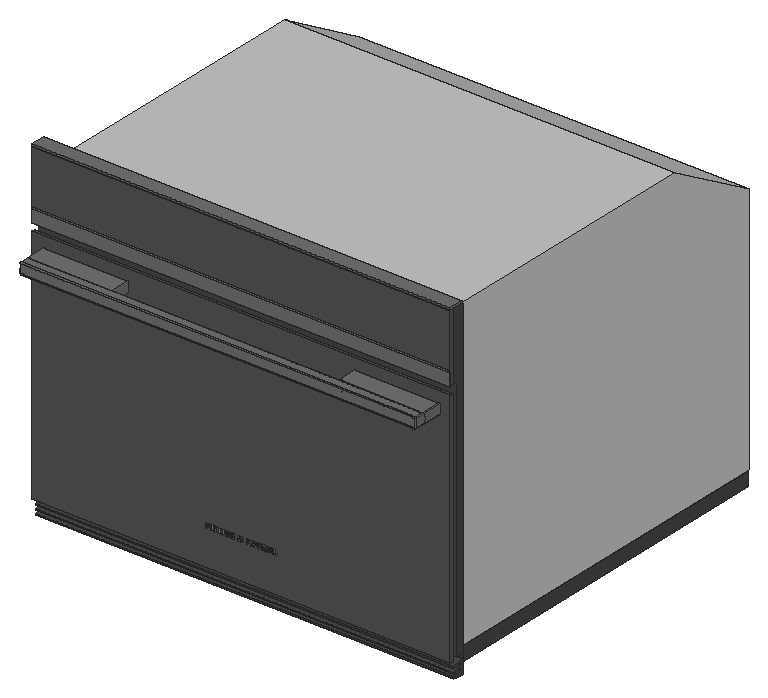
Revit family "FP_Revit_18_OM60NDBB1_w_TK480NDB1_Microwave_Oven_w_60cm_Trimkit_90000814A", category Specialty Equipment, Revit 2018
Family settings
  Round Connector Dimension = Use Diameter
  Part Type = Normal
  OmniClass Number = 23.40.40.14.17.31
  OmniClass Title = Small Specialized Cooking Equipment
  Work Plane-Based = No
  Always vertical = Yes
  Cut with Voids When Loaded = Yes
  Shared = No
  Room Calculation Point = No
Parameters (values of type "OS60NDBB1 + TK480NDB1")
  Visibility - Clearance Required = yes
  URL = "www.fisherpaykel.com"
  Product - Width = 596 mm  # constant formula
  Product - Height = 478 mm  # constant formula
  Product - Depth = 614 mm  # constant formula
  Model = "OM60NDBB1 + TK480NDB1"
  Material - Trim = Fisher & Paykel - Aluminium, Dark
  Material - Structure = Fisher & Paykel - Black
  Material - Handle = Fisher & Paykel - Aluminium, Dark
  Material - Glass = Fisher & Paykel - Glass, Black
  Material - Body = Fisher & Paykel - Grey
  Manufacturer = "Fisher & Paykel Appliances"
  FFL Offset [instance] = 900 mm
  Description = "60cm Microwave Oven + 60cm Trimkit"
  Connector Description - Electrical = "220-240 V, 50 Hz, 14.5 A"
  Chassis - Width = 560 mm  # constant formula
  Chassis - Height = 466 mm  # constant formula
  Chassis - Depth = 542 mm  # constant formula
  Cavity - Width = 560 mm  # constant formula
  Cavity - Height = 480 mm  # constant formula
  Cavity - Depth = 560 mm  # constant formula
Reference planes
  plane 1 "Datum": y = 0
  plane 2: z = 0
  plane 3 "Center (Left/Right)": x = 0
  plane 4: z = 1380
  plane 5: z = 1378
  plane 6 "Product LHS": x = -298
  plane 7 "Product RHS": x = 298
  plane 8 "Product - Depth": y = 0
  plane 9 "Cavity LHS": x = -300
  plane 10 "Cavity RHS": x = 300
  plane 11 "Cavity - Depth": y = 560
  plane 12 "Chassis - Height": z = 0
  plane 13 "Product Depth": y = 542
  plane 14 "FFL Offset": z = 900
  plane 15 "Front": y = -22
Forms (mm)
  Extrusion 1, void
    sketch origin (0, 0, 0) x (0, 1, 0) y (0, 0, 1)
      loop
        line (-22, 1380) -> (-22, 900) -> (0, 900) -> (0, 1380) -> (-22, 1380)
    from -300 to 300
  Extrusion 2, void
    sketch origin (0, 0, 0) x (0, 1, 0) y (0, 0, 1)
      loop
        line (560, 1380) -> (0, 1380) -> (0, 900) -> (560, 900) -> (560, 1380)
    from -280 to 280
Text (mm)
  text "Due to ongoing product development, product details are subject to change without notice. \nPlease always refer to www.fisherpaykel.com for the most current product information. \n© Fisher & Paykel 2020" at (41.04, -413.295, 0), in view "Ref. Level (Plan)"
Dimensions and locks
  equal spacing: plane 6 "Product LHS", plane 3 "Center (Left/Right)", plane 7 "Product RHS"
  "Product - Width": plane 6 "Product LHS" to plane 7 "Product RHS"
  equal spacing: plane 9 "Cavity LHS", plane 3 "Center (Left/Right)", plane 10 "Cavity RHS"
  locked: plane 9 "Cavity LHS" to plane 10 "Cavity RHS" at 600
  "Chassis - Depth": plane 1 "Datum" to plane 13 "Product Depth"
  "FFL Offset": plane 14 "FFL Offset" to level
  "Cavity - Depth": plane 1 "Datum" to plane 11 "Cavity - Depth"
  "Product - Height": plane 5 to plane 14 "FFL Offset"
  "Cavity - Height": plane 4 to plane 14 "FFL Offset"
  "Cavity - Width": Extrusion 2 to Extrusion 2
  aligned and locked: level to plane 2
  aligned and locked: nested 2 to plane 8 "Product - Depth"
  aligned and locked: Extrusion 1 sketch curve to plane 8 "Product - Depth"
  aligned and locked: plane 14 "FFL Offset" to Extrusion 1 sketch curve
  aligned and locked: Extrusion 1 sketch curve to plane 4
  aligned and locked: Extrusion 1 to plane 10 "Cavity RHS"
  aligned and locked: plane 9 "Cavity LHS" to Extrusion 1
  aligned and locked: Extrusion 2 sketch curve to plane 8 "Product - Depth"
  aligned and locked: Extrusion 2 sketch curve to plane 14 "FFL Offset"
  aligned and locked: plane 11 "Cavity - Depth" to Extrusion 2 sketch curve
  aligned and locked: Extrusion 2 sketch curve to nested 2
  aligned and locked: nested 1 to plane 8 "Product - Depth"
  aligned and locked: Extrusion 1 to nested 1
  aligned and locked: plane 15 "Front" to Extrusion 1
Automatic sketch dimensions
  Extrusion 1 sketch curve to Extrusion 1 sketch curve = 22 mm
Nested families
  nested 1: "FP_Revit_18_OM60NDBB1_Microwave_Oven_90000814A" at (0, 0, 20), FFL Offset <- "FFL Offset", type "OM60NDBB1"
    with FFL Offset 900 mm
  nested 2: "FP_Revit_18_TK480ND_Trimkits_90001188A" at (0, 0, 0), FFL Offset <- "FFL Offset", type "TK480NDB1"
    with FFL Offset 900 mm
Connectors
  electrical at (-193.854, 548.619, 959.454), driven by "Connector Description - Electrical"
    settings: on nested 1, index 1, voltage 230 V, apparent load 0 VA, apparent load phase1 0 VA, apparent load phase2 0 VA, apparent load phase3 0 VA, power factor 1, load classification "Other", number of poles 1, system type 30, power factor state 1, is connector primary yes, connector utility no, sub classification motor no, connector description "220-240 V, 50 Hz, 14.5 A"
Definition of nested family "FP_Revit_18_OM60NDBB1_Microwave_Oven_90000814A"
  Parameters (values of type "OS60NDBB1")
    Visibility - Clearance Required = yes
    URL = "www.fisherpaykel.com"
    Product - Width = 596 mm  # constant formula
    Product - Height = 458 mm  # constant formula
    Product - Depth = 562 mm  # constant formula
    Model = "OS60NDBB1"
    Material - Trim = none
    Material - Structure = none
    Material - Handle = none
    Material - Glass = none
    Material - Body = none
    Manufacturer = "Fisher & Paykel Appliances"
    FFL Offset [instance] = 900 mm
    Description = "60cm Steam Oven"
    Connector Description - Electrical = "220-240 V, 50 Hz, 14.5 A"
    Chassis - Width = 556 mm  # constant formula
    Chassis - Height = 446 mm  # constant formula
    Chassis - Depth = 540 mm  # constant formula
    Cavity - Width = 600 mm  # constant formula
    Cavity - Height = 460 mm  # constant formula
    Cavity - Depth = 560 mm  # constant formula
  Types (4, lengths in mm): name | Model | Description
    OS60NDB1 | "OS60NDB1" | "60cm Steam Oven"
    OM60NDB1 | "OM60NDB1" | "60cm Microwave Oven"
    OM60NDBB1 | "OM60NDBB1" | "60cm Microwave Oven"
    OS60NDBB1 | "OS60NDBB1" | "60cm Steam Oven"
  Reference planes
    plane 1 "Center (Front/Back)": y = 0
    plane 2: z = 0
    plane 3 "Center (Left/Right)": x = 0
    plane 4: z = 1360
    plane 5: z = 1358
    plane 6 "Product LHS": x = -298
    plane 7 "Product RHS": x = 298
    plane 8 "Product - Depth": y = 0
    plane 9 "Cavity LHS": x = -300
    plane 10 "Cavity RHS": x = 300
    plane 11 "Cavity - Depth": y = 560
    plane 12 "Front Face": y = -22
    plane 13 "Chassis - Height": z = 0
    plane 14 "Product Depth": y = 540
    plane 15 "FFL Offset": z = 900
  Forms (mm)
    Extrusion 1, solid, material <- "Material - Body"
      sketch origin (0, 0, 0) x (0, 1, 0) y (0, 0, 1)
        loop
          line (0, 1346) -> (0, 907.28) -> (5.16, 907.28) -> (5.16, 900) -> (534.187, 900) -> (534.187, 1257.991) -> (403.295, 1336.64) -> (24.316, 1336.64) -> (8.71, 1346) -> (0, 1346)
      from -278 to 278
    Extrusion 2, solid, material <- "Material - Structure", detail levels fine
      sketch origin (0, 0, 0) x (0, 1, 0) y (0, 0, 1)
        loop
          line (0, 1353.9) -> (-2, 1353.9) -> (-2, 1355) -> (-18, 1355) -> (-18, 1258) -> (-9.89, 1258) -> (-9.89, 907.28) -> (0, 907.28) -> (0, 1353.9)
      from -298 to 298
    Extrusion 3, solid, material <- "Material - Trim", detail levels fine
      sketch origin (0, 0, 0) x (0, 1, 0) y (0, 0, 1)
        loop
          line (-22, 1358) -> (-22, 1355) -> (-2, 1355) -> (-2, 1358) -> (-22, 1358)
      from -298 to 298
    Extrusion 4, solid, material <- "Material - Glass", detail levels fine
      sketch origin (0, 0, 0) x (0, 1, 0) y (0, 0, 1)
        loop
          line (-18, 1355) -> (-20.262, 1355)
          arc (-20.262, 1355) -> (-21.236, 1354.682) -> (-22, 1354) r 2.5
          line (-22, 1354) -> (-22, 1258) -> (-18, 1258) -> (-18, 1355)
      from -298 to 298
    Extrusion 5, solid, material <- "Material - Glass", detail levels fine
      sketch origin (0, 0, 0) x (0, 1, 0) y (0, 0, 1)
        loop
          line (-22, 1246.53) -> (-22, 904.53) -> (-18, 904.53) -> (-18, 1246.53) -> (-22, 1246.53)
      from -298 to 298
    Extrusion 6, solid, material <- "Material - Structure", detail levels fine
      sketch origin (0, 0, 0) x (0, 1, 0) y (0, 0, 1)
        loop
          line (-18, 1229.33) -> (-18, 907.28) -> (-9.89, 907.28) -> (-9.89, 1229.33) -> (-18, 1229.33)
      from -278 to 278
    Extrusion 7, void
      sketch origin (0, 0, 0) x (1, 0, 0) y (0, 0, 1)
        loop
          line (-158.462, 1052.91) -> (-229.24, 1052.91)
          arc (-229.24, 1052.91) -> (-232.776, 1051.446) -> (-234.24, 1047.91) r 5
          line (-234.24, 1047.91) -> (-234.24, 955.13)
          arc (-234.24, 955.13) -> (-232.776, 951.594) -> (-229.24, 950.13) r 5
          line (-229.24, 950.13) -> (-158.462, 950.13)
          arc (-158.462, 950.13) -> (-154.926, 951.594) -> (-153.462, 955.13) r 5
          line (-153.462, 955.13) -> (-153.462, 1047.91)
          arc (-153.462, 1047.91) -> (-154.926, 1051.446) -> (-158.462, 1052.91) r 5
      from -539.6 to -521.6
    Sweep 8, void
      path in 3D
        loop
          arc (-153.462, 521.6, 955.13) -> (-154.926, 521.6, 951.594) -> (-158.462, 521.6, 950.13) r 5
          line (-158.462, 521.6, 950.13) -> (-229.24, 521.6, 950.13)
          arc (-229.24, 521.6, 950.13) -> (-232.776, 521.6, 951.594) -> (-234.24, 521.6, 955.13) r 5
          line (-234.24, 521.6, 955.13) -> (-234.24, 521.6, 1047.91)
          arc (-234.24, 521.6, 1047.91) -> (-232.776, 521.6, 1051.446) -> (-229.24, 521.6, 1052.91) r 5
          line (-229.24, 521.6, 1052.91) -> (-158.462, 521.6, 1052.91)
          arc (-158.462, 521.6, 1052.91) -> (-154.926, 521.6, 1051.446) -> (-153.462, 521.6, 1047.91) r 5
          line (-153.462, 521.6, 1047.91) -> (-153.462, 521.6, 955.13)
      profile origin (-153.462, 521.6, 1001.52) x (-1, 0, 0) y (0, -1, 0)
        loop
          line (0, 0) -> (-21.3, -12.587) -> (0, -12.587) -> (0, 0)
    Extrusion 9, solid, material <- "Material - Body", detail levels medium+fine
      sketch origin (0, 0, -100) x (1, 0, 0) y (0, 0, 1)
        loop
          line (-175.354, 1115.273) -> (-212.354, 1115.273) -> (-212.354, 1057.273) -> (-175.354, 1057.273) -> (-175.354, 1115.273)
      from -540 to -521.6
    Extrusion 10, solid, material <- "Material - Trim", detail levels fine
      sketch origin (0, 0, 0) x (0, 1, 0) y (0, 0, 1)
        loop
          line (-22, 1258) -> (-22, 1277.8) -> (-22.8, 1277.8) -> (-23.7, 1275.5) -> (-23.7, 1258) -> (-22, 1258)
      from -298 to 298
    Extrusion 11, solid, visible <- "Visibility - Clearance Required", detail levels coarse
      sketch origin (0, 0, 0) x (1, 0, 0) y (0, 1, 0)
        loop
          line (-280, 0) -> (280, 0) -> (280, 548.619) -> (-280, 548.619) -> (-280, 0)
      from 900 to 1360
    Extrusion 12, solid, visible <- "Visibility - Clearance Required", detail levels coarse
      sketch origin (0, 0, 0) x (0, 1, 0) y (0, 0, 1)
        loop
          arc (-22, 1246.53) -> (-241.159, 1161.206) -> (-341.563, 948.532) r 317.644
          line (-341.563, 948.532) -> (-326.406, 946.445) -> (-332.106, 905.048) -> (-316.871, 902.951) -> (-311.171, 944.347) -> (-22, 904.53) -> (-22, 900) -> (0, 900) -> (0, 1360) -> (-22, 1360) -> (-22, 1246.53)
      from -300 to 300
    Sweep 13, solid, material <- "Material - Body", detail levels fine
      path origin (0, 0, -100) x (0, 1, 0) y (0, 0, 1)
        loop
          arc (530.8, 1057.273) -> (536.019, 1044.673) -> (548.619, 1039.454) r 17.819
      profile origin (0, 536.019, 944.673) x (0, 0.707107, 0.707107) y (1, 0, 0)
        loop
          circle (0, -193.854) r 5
    Extrusion 14, solid, material <- "Material - Glass", detail levels coarse+medium
      sketch origin (0, 0, 0) x (0, 1, 0) y (0, 0, 1)
        loop
          line (-22, 1358) -> (-22, 1258) -> (-9.89, 1258) -> (-9.89, 1229.33) -> (-18, 1229.33) -> (-18, 1246.53) -> (-22, 1246.53) -> (-22, 904.53) -> (-18, 904.53) -> (-18, 907.28) -> (0, 907.28) -> (0, 1353.9) -> (-2, 1353.9) -> (-2, 1358) -> (-22, 1358)
      from -298 to 298
    Extrusion 15, solid, material <- "Material - Body", not visible, detail levels medium+fine
      sketch origin (0, 0, 0) x (1, 0, 0) y (0, 0, 1)
        loop
          line (-175.354, 1115.273) -> (-212.354, 1115.273) -> (-212.354, 1057.273) -> (-175.354, 1057.273) -> (-175.354, 1115.273)
      from -540 to -521.6
    Sweep 16, solid, material <- "Material - Body", not visible, detail levels fine
      path origin (0, 0, 0) x (0, 1, 0) y (0, 0, 1)
        loop
          arc (530.8, 1057.273) -> (536.019, 1044.673) -> (548.619, 1039.454) r 17.819
      profile origin (0, 536.019, 1044.673) x (0, 0.707107, 0.707107) y (1, 0, 0)
        loop
          circle (0, -193.854) r 5
    Extrusion 17, void
      sketch origin (0, 0, 0) x (1, 0, 0) y (0, 1, 0)
        loop
          line (-280, 0) -> (280, 0) -> (280, 548.619) -> (-280, 548.619) -> (-280, 0)
      from 900 to 1360
    Extrusion 18, solid, visible <- "Visibility - Clearance Required", detail levels coarse
      sketch origin (0, 0, 0) x (0, 1, 0) y (0, 0, 1)
        loop
          arc (-22, 1246.53) -> (-241.159, 1161.206) -> (-341.563, 948.532) r 317.644
          line (-341.563, 948.532) -> (-326.406, 946.445) -> (-332.106, 905.048) -> (-316.871, 902.951) -> (-311.171, 944.347) -> (-22, 904.53) -> (-22, 900) -> (0, 900) -> (0, 1360) -> (-22, 1360) -> (-22, 1246.53)
      from -300 to 300
    Extrusion 19, void
      sketch origin (0, 0, 0) x (0, 1, 0) y (0, 0, 1)
        loop
          line (-22, 1360) -> (-22, 900) -> (0, 900) -> (0, 1360) -> (-22, 1360)
      from -300 to 300
  Cuts and joins
    Extrusion 7, Sweep 8 cuts Extrusion 1
    Extrusion 7 cuts Extrusion 2
    Extrusion 7 cuts Extrusion 5
    Extrusion 7 cuts Extrusion 6
  Lines and regions (mm)
    sketch lines
      curve 1: line (-153.462, 521.6, 1047.91) -> (-153.462, 521.6, 955.13)
      curve 2: arc (-153.462, 521.6, 1047.91) -> (-154.926, 521.6, 1051.446) -> (-158.462, 521.6, 1052.91) r 5
      curve 3: line (-229.24, 521.6, 1052.91) -> (-158.462, 521.6, 1052.91)
      curve 4: arc (-229.24, 521.6, 1052.91) -> (-232.776, 521.6, 1051.446) -> (-234.24, 521.6, 1047.91) r 5
      curve 5: line (-234.24, 521.6, 955.13) -> (-234.24, 521.6, 1047.91)
      curve 6: arc (-234.24, 521.6, 955.13) -> (-232.776, 521.6, 951.594) -> (-229.24, 521.6, 950.13) r 5
      curve 7: arc (-158.462, 521.6, 950.13) -> (-154.926, 521.6, 951.594) -> (-153.462, 521.6, 955.13) r 5
      curve 8: line (-158.462, 521.6, 950.13) -> (-229.24, 521.6, 950.13)
  Text (mm)
    text "Due to ongoing product development, product details are subject to change without notice. \nPlease always refer to www.fisherpaykel.com for the most current product information. \n© Fisher & Paykel 2020" at (41.04, -413.295, 0), in view "Ref. Level (Plan)"
  Dimensions and locks
    equal spacing: plane 6 "Product LHS", plane 3 "Center (Left/Right)", plane 7 "Product RHS"
    "Product - Width": plane 6 "Product LHS" to plane 7 "Product RHS"
    equal spacing: plane 9 "Cavity LHS", plane 3 "Center (Left/Right)", plane 10 "Cavity RHS"
    "Cavity - Width": plane 9 "Cavity LHS" to plane 10 "Cavity RHS"
    "Cavity - Depth": plane 11 "Cavity - Depth" to plane 1 "Center (Front/Back)"
    locked: plane 12 "Front Face" to plane 1 "Center (Front/Back)" at 22
    "Chassis - Depth": plane 1 "Center (Front/Back)" to plane 14 "Product Depth"
    Extrusion 1 sketch curve to plane 14 "Product Depth" = 5.813 mm
    equal spacing: cut or joined group of Extrusion 1, Extrusion 7, Sweep 8, plane 3 "Center (Left/Right)", cut or joined group of Extrusion 1, Extrusion 7, Sweep 8
    "Chassis - Width": cut or joined group of Extrusion 1, Extrusion 7, Sweep 8 to cut or joined group of Extrusion 1, Extrusion 7, Sweep 8
    "FFL Offset": plane 15 "FFL Offset" to level
    locked: nested 2 to plane 15 "FFL Offset" at 61.04
    locked: cut or joined group of Extrusion 1, Extrusion 7, Sweep 8 to plane 15 "FFL Offset" at 7.28
    locked: Extrusion 14 to plane 15 "FFL Offset" at 4.53
    locked: cut or joined group of Extrusion 1, Extrusion 7, Sweep 8 to plane 15 "FFL Offset" at 436.64
    "Chassis - Height": cut or joined group of Extrusion 1, Extrusion 7, Sweep 8 to plane 15 "FFL Offset"
    Extrusion 11 to plane 15 "FFL Offset" = 460 mm
    locked: plane 15 "FFL Offset" to Extrusion 9 at 57.273
    locked: plane 15 "FFL Offset" to cut or joined group of Extrusion 1, Extrusion 7, Sweep 8 at 50.13
    "Product - Height": plane 5 to plane 15 "FFL Offset"
    "Cavity - Height": plane 4 to plane 15 "FFL Offset"
    locked: nested 1 to plane 15 "FFL Offset" at 330.978
    locked: plane 5 to Extrusion 14 at 100
    locked: plane 5 to Extrusion 14 at 111.47
    locked: Extrusion 12 sketch curve to plane 15 "FFL Offset" at 4.53
    locked: plane 15 "FFL Offset" to Extrusion 7 sketch curve at 152.91
    locked: plane 15 "FFL Offset" to Extrusion 7 sketch curve at 50.13
    aligned and locked: level to plane 2
    aligned and locked: Extrusion 3 sketch curve to plane 5
    aligned and locked: plane 6 "Product LHS" to Extrusion 5
    aligned and locked: Extrusion 5 to plane 7 "Product RHS"
    aligned and locked: Extrusion 4 to plane 7 "Product RHS"
    aligned and locked: plane 6 "Product LHS" to Extrusion 4
    aligned and locked: plane 6 "Product LHS" to Extrusion 3
    aligned and locked: Extrusion 3 to plane 7 "Product RHS"
    aligned and locked: plane 6 "Product LHS" to Extrusion 2
    aligned and locked: Extrusion 2 to plane 7 "Product RHS"
    aligned and locked: plane 14 "Product Depth" to Extrusion 9
    aligned and locked: cut or joined group of Extrusion 1, Extrusion 7, Sweep 8 to Extrusion 9
    aligned and locked: Extrusion 10 to plane 7 "Product RHS"
    aligned and locked: plane 6 "Product LHS" to Extrusion 10
    aligned and locked: Extrusion 14 to plane 7 "Product RHS"
    aligned and locked: plane 6 "Product LHS" to Extrusion 14
    aligned and locked: Extrusion 1 to plane 15 "FFL Offset"
    aligned and locked: Extrusion 11 to cut or joined group of Extrusion 1, Extrusion 7, Sweep 8
    aligned and locked: Extrusion 14 to cut or joined group of Extrusion 1, Extrusion 7, Sweep 8
    aligned and locked: Extrusion 2 to cut or joined group of Extrusion 1, Extrusion 7, Sweep 8
    aligned and locked: Extrusion 6 to cut or joined group of Extrusion 1, Extrusion 7, Sweep 8
    aligned and locked: plane 5 to Extrusion 3
    aligned and locked: plane 5 to Extrusion 14
    aligned and locked: Extrusion 10 to Extrusion 4
    aligned and locked: Extrusion 14 to Extrusion 4
    aligned and locked: Extrusion 4 to cut or joined group of Extrusion 2, Extrusion 7
    aligned and locked: Extrusion 5 to Extrusion 14  (x2)
    aligned and locked: plane 4 to Extrusion 11
    aligned and locked: Extrusion 11 to Sweep 13
    aligned and locked: Extrusion 12 sketch curve to plane 15 "FFL Offset"
    aligned and locked: Extrusion 12 sketch curve to plane 4
    aligned and locked: plane 4 to Extrusion 17
    aligned and locked: Extrusion 17 to cut or joined group of Extrusion 1, Extrusion 7, Sweep 8
    aligned and locked: plane 15 "FFL Offset" to Extrusion 19 sketch curve
    aligned and locked: Extrusion 19 sketch curve to plane 4
  Automatic sketch dimensions
    Extrusion 9 sketch curve to Extrusion 9 sketch curve = 37 mm
    Extrusion 9 sketch curve to Extrusion 9 sketch curve = 58 mm
    Sweep 13 sketch curve to profile plane = 0 mm
    Sweep 13 sketch curve to Sweep 13 sketch curve = 17.819 mm
    Sweep 13 sketch curve to profile plane = 193.854 mm
    Extrusion 15 sketch curve to Extrusion 15 sketch curve = 37 mm
    Extrusion 15 sketch curve to Extrusion 15 sketch curve = 58 mm
    Sweep 16 sketch curve to profile plane = 0 mm
    Sweep 16 sketch curve to Sweep 16 sketch curve = 17.819 mm
    Sweep 16 sketch curve to profile plane = 193.854 mm
    Extrusion 1 sketch curve to plane 1 "Center (Front/Back)" = 0 mm
    Extrusion 1 sketch curve to plane 15 "FFL Offset" = 0 mm
    Extrusion 1 sketch curve to plane 1 "Center (Front/Back)" = 5.16 mm
    Extrusion 1 sketch curve to Extrusion 1 sketch curve = 8.71 mm
    Extrusion 1 sketch curve to Extrusion 1 sketch curve = 15.606 mm
    Extrusion 1 sketch curve to plane 5 = 21.36 mm
    Extrusion 1 sketch curve to plane 14 "Product Depth" = 136.705 mm
    Extrusion 1 sketch curve to Extrusion 1 sketch curve = 7.28 mm
    Extrusion 1 sketch curve to plane 5 = 100.009 mm
    Extrusion 1 sketch curve to plane 5 = 12 mm
    Extrusion 2 sketch curve to plane 1 "Center (Front/Back)" = 0 mm
    plane 1 "Center (Front/Back)" to Extrusion 2 sketch curve = 2 mm
    plane 1 "Center (Front/Back)" to Extrusion 2 sketch curve = 9.89 mm
    plane 12 "Front Face" to Extrusion 2 sketch curve = 4 mm
    plane 15 "FFL Offset" to Extrusion 2 sketch curve = 7.28 mm
    Extrusion 2 sketch curve to plane 5 = 100 mm
    Extrusion 2 sketch curve to plane 5 = 4.1 mm
    Extrusion 2 sketch curve to Extrusion 2 sketch curve = 1.1 mm
    Extrusion 3 sketch curve to plane 12 "Front Face" = 0 mm
    plane 1 "Center (Front/Back)" to Extrusion 3 sketch curve = 2 mm
    Extrusion 3 sketch curve to plane 5 = 3 mm
    Extrusion 4 sketch curve to plane 12 "Front Face" = 0 mm
    plane 12 "Front Face" to Extrusion 4 sketch curve = 1.738 mm
    plane 12 "Front Face" to Extrusion 4 sketch curve = 2.011 mm
    plane 12 "Front Face" to Extrusion 4 sketch curve = 4 mm
    Extrusion 4 sketch curve to plane 5 = 100 mm
    Extrusion 4 sketch curve to plane 5 = 5.485 mm
    Extrusion 4 sketch curve to Extrusion 4 sketch curve = 1.485 mm
    Extrusion 5 sketch curve to plane 12 "Front Face" = 0 mm
    plane 12 "Front Face" to Extrusion 5 sketch curve = 4 mm
    plane 15 "FFL Offset" to Extrusion 5 sketch curve = 4.53 mm
    Extrusion 5 sketch curve to plane 5 = 111.47 mm
    plane 12 "Front Face" to Extrusion 6 sketch curve = 4 mm
    Extrusion 6 sketch curve to Extrusion 6 sketch curve = 8.11 mm
    plane 15 "FFL Offset" to Extrusion 6 sketch curve = 7.28 mm
    Extrusion 6 sketch curve to plane 5 = 128.67 mm
    Extrusion 7 sketch curve to plane 6 "Product LHS" = 63.76 mm
    Extrusion 7 sketch curve to Extrusion 7 sketch curve = 5 mm  (x3)
    Extrusion 7 sketch curve to Extrusion 7 sketch curve = 70.778 mm  (x2)
    Sweep 8 sketch curve to profile plane = 0 mm  (x2)
    Sweep 8 sketch curve to profile plane = 21.3 mm
    profile plane to Sweep 8 sketch curve = 12.587 mm
    Extrusion 10 sketch curve to plane 12 "Front Face" = 0 mm
    Extrusion 10 sketch curve to Extrusion 10 sketch curve = 0.8 mm
    Extrusion 10 sketch curve to plane 12 "Front Face" = 1.7 mm
    Extrusion 10 sketch curve to plane 5 = 100 mm
    Extrusion 10 sketch curve to Extrusion 10 sketch curve = 17.5 mm
    Extrusion 10 sketch curve to Extrusion 10 sketch curve = 2.3 mm
    plane 1 "Center (Front/Back)" to Extrusion 11 sketch curve = 0 mm
    plane 14 "Product Depth" to Extrusion 11 sketch curve = 8.619 mm
    Extrusion 11 sketch curve to plane 6 "Product LHS" = 18 mm
    plane 7 "Product RHS" to Extrusion 11 sketch curve = 18 mm
    Extrusion 12 sketch curve to plane 12 "Front Face" = 0 mm  (x2)
    Extrusion 12 sketch curve to plane 1 "Center (Front/Back)" = 0 mm
    Extrusion 12 sketch curve to plane 12 "Front Face" = 2.526 mm
    plane 15 "FFL Offset" to Extrusion 12 sketch curve = 44.347 mm
    Extrusion 12 sketch curve to Extrusion 12 sketch curve = 286.644 mm
    plane 15 "FFL Offset" to Extrusion 12 sketch curve = 2.951 mm
    plane 15 "FFL Offset" to Extrusion 12 sketch curve = 46.445 mm
    Extrusion 12 sketch curve to Extrusion 12 sketch curve = 15.235 mm
    plane 15 "FFL Offset" to Extrusion 12 sketch curve = 48.532 mm
    Extrusion 12 sketch curve to Extrusion 12 sketch curve = 24.366 mm
    Extrusion 14 sketch curve to plane 5 = 0 mm
    Extrusion 14 sketch curve to plane 12 "Front Face" = 0 mm  (x2)
    Extrusion 14 sketch curve to plane 1 "Center (Front/Back)" = 0 mm
    plane 12 "Front Face" to Extrusion 14 sketch curve = 4 mm  (x2)
    plane 1 "Center (Front/Back)" to Extrusion 14 sketch curve = 9.89 mm
    plane 1 "Center (Front/Back)" to Extrusion 14 sketch curve = 2 mm
    Extrusion 14 sketch curve to plane 5 = 4.1 mm
    Extrusion 14 sketch curve to Extrusion 14 sketch curve = 95.9 mm
    Extrusion 14 sketch curve to Extrusion 14 sketch curve = 11.47 mm
    Extrusion 14 sketch curve to Extrusion 14 sketch curve = 17.2 mm
    plane 15 "FFL Offset" to Extrusion 14 sketch curve = 7.28 mm
    Extrusion 14 sketch curve to Extrusion 14 sketch curve = 2.75 mm
    plane 1 "Center (Front/Back)" to Extrusion 17 sketch curve = 0 mm
    plane 14 "Product Depth" to Extrusion 17 sketch curve = 8.619 mm
    Extrusion 17 sketch curve to plane 6 "Product LHS" = 18 mm
    plane 7 "Product RHS" to Extrusion 17 sketch curve = 18 mm
    Extrusion 18 sketch curve to plane 12 "Front Face" = 0 mm  (x2)
    Extrusion 18 sketch curve to plane 1 "Center (Front/Back)" = 0 mm
    Extrusion 18 sketch curve to plane 15 "FFL Offset" = 0 mm
    Extrusion 18 sketch curve to plane 4 = 0 mm
    Extrusion 18 sketch curve to plane 12 "Front Face" = 2.526 mm
    plane 15 "FFL Offset" to Extrusion 18 sketch curve = 44.347 mm
    Extrusion 18 sketch curve to Extrusion 18 sketch curve = 286.644 mm
    plane 15 "FFL Offset" to Extrusion 18 sketch curve = 2.951 mm
    Extrusion 18 sketch curve to Extrusion 18 sketch curve = 5.7 mm
    plane 15 "FFL Offset" to Extrusion 18 sketch curve = 46.445 mm
    Extrusion 18 sketch curve to Extrusion 18 sketch curve = 15.235 mm
    plane 15 "FFL Offset" to Extrusion 18 sketch curve = 48.532 mm
    Extrusion 18 sketch curve to Extrusion 18 sketch curve = 24.366 mm
    Extrusion 19 sketch curve to plane 12 "Front Face" = 0 mm
    Extrusion 19 sketch curve to plane 1 "Center (Front/Back)" = 0 mm
    radius of Sweep 13 sketch curve = 5 mm
    radius of Sweep 16 sketch curve = 5 mm
  Nested families
    nested 1: "F&P Handle Contemporary Square OB60-24" at (0, -22, 1223), type "Aluminium"
    nested 2: "F&P Logo 100mm" at (0, -22, 955), type "F&P Logo 100mm"
  Connectors
    electrical at (-193.854, 548.619, 939.454), driven by "Connector Description - Electrical"
      settings: on Sweep 13, index 1, voltage 120 V, apparent load 0 VA, apparent load phase1 0 VA, apparent load phase2 0 VA, apparent load phase3 0 VA, power factor 1, load classification none, number of poles 1, system type 30, power factor state 1, is connector primary yes, connector utility no, sub classification motor no, connector description "220-240 V, 50 Hz, 14.5 A"
  Definition of nested family "F&P Handle Contemporary Square OB60-24"
    Parameters (values of type "Aluminium Dark")
      URL = "www.fisherpaykel.com"
      Material - Handle = none
      Manufacturer = "Fisher & Paykel Appliances"
      Handle - Length = 565 mm
    Types (2): name
      Aluminium
      Aluminium Dark
    Reference planes
      plane 1 "Center (Front/Back)": y = 0
      plane 2: z = 0
      plane 3 "Center (Left/Right)": x = 0
      plane 4 "Product LHS": x = -282.5
      plane 5 "Product RHS": x = 282.5
      plane 6 "LHS Standoff": x = -162.495
      plane 7 "RHS Standoff": x = 162.505
    Forms (mm)
      Extrusion 1, solid, material <- "Material - Handle", detail levels fine
        sketch origin (0, 0, 0) x (0, 1, 0) y (0, 0, 1)
          loop
            arc (-28.701, 7.561) -> (-29.057, 7.868) -> (-29.514, 7.978) r 1
            line (-29.514, 7.978) -> (-40.5, 7.978)
            arc (-40.5, 7.978) -> (-41.561, 7.539) -> (-42, 6.478) r 1.5
            line (-42, 6.478) -> (-42, -6.522)
            arc (-42, -6.522) -> (-41.561, -7.583) -> (-40.5, -8.022) r 1.5
            line (-40.5, -8.022) -> (-29.487, -8.022)
            arc (-29.487, -8.022) -> (-29.029, -7.911) -> (-28.673, -7.602) r 1
            arc (-28.673, -7.602) -> (-26.256, -0.016) -> (-28.701, 7.561) r 13.038
        from -282.5 to 282.5
      Extrusion 2, solid, material <- "Material - Handle", detail levels fine
        sketch origin (0, 0, 0) x (0, 1, 0) y (0, 0, 1)
          loop
            arc (-28.23, 7.062) -> (-26.156, 0.008) -> (-28.198, -7.056) r 13.136
            arc (-28.198, -7.056) -> (-28.21, -7.463) -> (-27.86, -7.67) r 0.4
            line (-27.86, -7.67) -> (0, -7.67) -> (0, 7.678) -> (-27.893, 7.678)
            arc (-27.893, 7.678) -> (-28.244, 7.47) -> (-28.23, 7.062) r 0.4
        from 162.505 to 282.5
      Extrusion 3, solid, material <- "Material - Handle", detail levels fine
        sketch origin (0, 0, 0) x (0, 1, 0) y (0, 0, -1)
          loop
            arc (-28.23, -7.062) -> (-28.244, -7.47) -> (-27.893, -7.678) r 0.4
            line (-27.893, -7.678) -> (0, -7.678) -> (0, 7.67) -> (-27.86, 7.67)
            arc (-27.86, 7.67) -> (-28.21, 7.463) -> (-28.198, 7.056) r 0.4
            arc (-28.198, 7.056) -> (-26.156, -0.008) -> (-28.23, -7.062) r 13.136
        from 162.495 to 282.5
      Sweep 4, void
        path in 3D
          loop
            line (282.5, -29.514, 7.978) -> (282.5, -40.5, 7.978)
            arc (282.5, -40.5, 7.978) -> (282.5, -41.561, 7.539) -> (282.5, -42, 6.478) r 1.5
            line (282.5, -42, 6.478) -> (282.5, -42, -6.522)
            arc (282.5, -42, -6.522) -> (282.5, -41.561, -7.583) -> (282.5, -40.5, -8.022) r 1.5
            line (282.5, -40.5, -8.022) -> (282.5, -29.487, -8.022)
        profile origin (282.5, -35.007, 7.978) x (1, 0, 0) y (0, 0, 1)
          loop
            line (0, 0) -> (-1.3, 0) -> (0, -1.3) -> (0, 0)
      Sweep 5, void
        path in 3D
          loop
            line (-282.5, -29.487, -8.022) -> (-282.5, -40.5, -8.022)
            arc (-282.5, -40.5, -8.022) -> (-282.5, -41.561, -7.583) -> (-282.5, -42, -6.522) r 1.5
            line (-282.5, -42, -6.522) -> (-282.5, -42, 6.478)
            arc (-282.5, -42, 6.478) -> (-282.5, -41.561, 7.539) -> (-282.5, -40.5, 7.978) r 1.5
            line (-282.5, -40.5, 7.978) -> (-282.5, -29.514, 7.978)
        profile origin (-282.5, -35.007, 7.978) x (-1, 0, 0) y (0, 0, 1)
          loop
            line (0, 0) -> (-1.3, 0) -> (0, -1.3) -> (0, 0)
      Extrusion 6, void
        sketch origin (0, 0, 0) x (1, 0, 0) y (0, 0, 1)
          loop
            line (282.5, 7.978) -> (281.2, 7.978) -> (282.5, 6.678) -> (282.5, 7.978)
          loop
            line (282.5, -8.022) -> (282.5, -6.722) -> (281.2, -8.022) -> (282.5, -8.022)
        from 0 to 40
      Extrusion 7, void
        sketch origin (0, 0, 0) x (1, 0, 0) y (0, 0, 1)
          loop
            line (-282.5, 7.978) -> (-282.5, 6.678) -> (-281.2, 7.978) -> (-282.5, 7.978)
          loop
            line (-282.5, -8.022) -> (-281.2, -8.022) -> (-282.5, -6.722) -> (-282.5, -8.022)
        from 0 to 40
      Extrusion 8, solid, material <- "Material - Handle", detail levels coarse+medium
        sketch origin (0, 0, 0) x (1, 0, 0) y (0, 1, 0)
          loop
            line (-282.5, -42) -> (282.5, -42) -> (282.5, 0) -> (162.505, 0) -> (162.505, -26.156) -> (-162.495, -26.156) -> (-162.495, 0) -> (-282.5, 0) -> (-282.5, -42)
        from -8.022 to 7.978
    Cuts and joins
      Sweep 4, Sweep 5, Extrusion 6, Extrusion 7 cuts Extrusion 1
      Extrusion 6 cuts Extrusion 2
      Extrusion 7 cuts Extrusion 3
    Lines and regions (mm)
      sketch lines
        curve 1: line (282.5, -29.514, 7.978) -> (282.5, -40.5, 7.978)
        curve 2: arc (282.5, -42, 6.478) -> (282.5, -41.561, 7.539) -> (282.5, -40.5, 7.978) r 1.5
        curve 3: line (282.5, -42, 6.478) -> (282.5, -42, -6.522)
        curve 4: arc (282.5, -40.5, -8.022) -> (282.5, -41.561, -7.583) -> (282.5, -42, -6.522) r 1.5
        curve 5: line (282.5, -40.5, -8.022) -> (282.5, -29.487, -8.022)
        curve 6: line (-282.5, -40.5, 7.978) -> (-282.5, -29.514, 7.978)
        curve 7: arc (-282.5, -40.5, 7.978) -> (-282.5, -41.561, 7.539) -> (-282.5, -42, 6.478) r 1.5
        curve 8: line (-282.5, -42, -6.522) -> (-282.5, -42, 6.478)
        curve 9: arc (-282.5, -42, -6.522) -> (-282.5, -41.561, -7.583) -> (-282.5, -40.5, -8.022) r 1.5
        curve 10: line (-282.5, -29.487, -8.022) -> (-282.5, -40.5, -8.022)
    Dimensions and locks
      equal spacing: plane 4 "Product LHS", plane 3 "Center (Left/Right)", plane 5 "Product RHS"
      "Handle - Length": plane 4 "Product LHS" to plane 5 "Product RHS"
      locked: plane 4 "Product LHS" to plane 6 "LHS Standoff" at 120.005
      locked: plane 7 "RHS Standoff" to plane 5 "Product RHS" at 119.995
      aligned and locked: level to plane 2
      aligned and locked: Extrusion 1 to plane 5 "Product RHS"
      aligned and locked: plane 4 "Product LHS" to Extrusion 1
      aligned and locked: Extrusion 2 to plane 5 "Product RHS"
      aligned and locked: plane 4 "Product LHS" to Extrusion 3
      aligned and locked: plane 4 "Product LHS" to Extrusion 8 sketch curve
      aligned and locked: Extrusion 8 sketch curve to plane 5 "Product RHS"
      aligned and locked: Extrusion 8 sketch curve to plane 7 "RHS Standoff"
      aligned and locked: plane 6 "LHS Standoff" to Extrusion 8 sketch curve
      aligned and locked: Extrusion 2 to plane 7 "RHS Standoff"
      aligned and locked: plane 6 "LHS Standoff" to Extrusion 3
    Automatic sketch dimensions
      Extrusion 1 sketch curve to level = 6.522 mm
      plane 1 "Center (Front/Back)" to Extrusion 1 sketch curve = 42 mm
      Extrusion 1 sketch curve to Extrusion 1 sketch curve = 1.5 mm  (x2)
      Extrusion 1 sketch curve to level = 0.04 mm
      Extrusion 1 sketch curve to Extrusion 1 sketch curve = 1.206 mm
      level to Extrusion 1 sketch curve = 6.978 mm
      Extrusion 1 sketch curve to Extrusion 1 sketch curve = 10.986 mm
      Extrusion 1 sketch curve to Extrusion 1 sketch curve = 11.013 mm
      Extrusion 1 sketch curve to Extrusion 1 sketch curve = 1 mm
      level to Extrusion 1 sketch curve = 6.478 mm
      Extrusion 1 sketch curve to Extrusion 1 sketch curve = 0 mm
      Extrusion 2 sketch curve to plane 1 "Center (Front/Back)" = 0 mm
      Extrusion 2 sketch curve to level = 7.67 mm
      Extrusion 2 sketch curve to Extrusion 2 sketch curve = 27.86 mm
      level to Extrusion 2 sketch curve = 7.678 mm
      Extrusion 2 sketch curve to Extrusion 2 sketch curve = 0.033 mm
      Extrusion 2 sketch curve to level = 0.022 mm
      Extrusion 2 sketch curve to Extrusion 2 sketch curve = 11.398 mm
      Extrusion 2 sketch curve to Extrusion 2 sketch curve = 0.4 mm  (x2)
      Extrusion 2 sketch curve to Extrusion 2 sketch curve = 0 mm
      Extrusion 3 sketch curve to plane 1 "Center (Front/Back)" = 0 mm
      Extrusion 3 sketch curve to level = 7.67 mm
      Extrusion 3 sketch curve to Extrusion 3 sketch curve = 27.86 mm
      level to Extrusion 3 sketch curve = 7.678 mm
      Extrusion 3 sketch curve to Extrusion 3 sketch curve = 0.033 mm
      Extrusion 3 sketch curve to level = 0.022 mm
      Extrusion 3 sketch curve to Extrusion 3 sketch curve = 11.398 mm
      Extrusion 3 sketch curve to Extrusion 3 sketch curve = 0.4 mm  (x2)
      Extrusion 3 sketch curve to Extrusion 3 sketch curve = 0 mm
      profile plane to Sweep 4 sketch curve = 0 mm
      Sweep 4 sketch curve to profile plane = 0 mm
      Sweep 4 sketch curve to profile plane = 1.3 mm
      profile plane to Sweep 4 sketch curve = 1.3 mm
      Sweep 5 sketch curve to profile plane = 0 mm  (x2)
      profile plane to Sweep 5 sketch curve = 1.3 mm
      Sweep 5 sketch curve to profile plane = 1.3 mm
      plane 5 "Product RHS" to Extrusion 6 sketch curve = 0 mm  (x2)
      Extrusion 6 sketch curve to Extrusion 6 sketch curve = 1.3 mm  (x4)
      Extrusion 6 sketch curve to level = 6.722 mm
      level to Extrusion 6 sketch curve = 6.678 mm
      plane 4 "Product LHS" to Extrusion 7 sketch curve = 0 mm  (x2)
      Extrusion 7 sketch curve to plane 4 "Product LHS" = 1.3 mm  (x2)
      Extrusion 7 sketch curve to level = 8.022 mm
      level to Extrusion 7 sketch curve = 6.678 mm
      Extrusion 7 sketch curve to Extrusion 7 sketch curve = 1.3 mm  (x2)
      plane 1 "Center (Front/Back)" to Extrusion 8 sketch curve = 0 mm  (x2)
      Extrusion 8 sketch curve to Extrusion 8 sketch curve = 26.156 mm
      Extrusion 8 sketch curve to Extrusion 8 sketch curve = 42 mm
  Definition of nested family "F&P Logo 100mm"
    Parameters (values of type "F&P Logo 100mm")
      URL = "www.fisherpaykel.com"
      Material - Logo = none
      Manufacturer = "Fisher & Paykel Appliances"
    Reference planes
      plane 1 "Center (Front/Back)": y = 0
      plane 2: z = 0
      plane 3 "Center (Left/Right)": x = 0
    Forms (mm)
      Extrusion 1, solid, material <- "Material - Logo", detail levels fine
        sketch origin (0, 0, 0) x (1, 0, 0) y (0, 0, 1)
          loop
            line (-50.044, 0) -> (-48.47, 0) -> (-48.47, 2.138) -> (-46.011, 2.138) -> (-46.011, 3.472) -> (-48.47, 3.472) -> (-48.47, 4.712) -> (-45.795, 4.712) -> (-45.795, 6.04) -> (-50.044, 6.04) -> (-50.044, 0)
          loop
            line (-42.804, 6.04) -> (-42.804, 0) -> (-41.23, 0) -> (-41.23, 6.04) -> (-42.804, 6.04)
          loop
            line (-30.724, 6.04) -> (-30.724, 0) -> (-29.151, 0) -> (-29.151, 2.42) -> (-26.839, 2.42) -> (-26.839, 0) -> (-25.265, 0) -> (-25.265, 6.04) -> (-26.839, 6.04) -> (-26.839, 3.748) -> (-29.151, 3.748) -> (-29.151, 6.04) -> (-30.724, 6.04)
          loop
            line (-21.906, 6.04) -> (-21.906, 0) -> (-17.602, 0) -> (-17.602, 1.328) -> (-20.347, 1.328) -> (-20.347, 2.42) -> (-17.838, 2.42) -> (-17.838, 3.748) -> (-20.347, 3.748) -> (-20.347, 4.712) -> (-17.602, 4.712) -> (-17.602, 6.04) -> (-21.906, 6.04)
          loop
            line (45.667, 6.04) -> (45.667, 0) -> (49.956, 0) -> (49.956, 1.328) -> (47.241, 1.328) -> (47.241, 6.04) -> (45.667, 6.04)
          loop
            line (42.431, 6.04) -> (38.112, 6.04) -> (38.112, 0) -> (42.431, 0) -> (42.431, 1.328) -> (39.687, 1.328) -> (39.687, 2.42) -> (42.195, 2.42) -> (42.195, 3.748) -> (39.687, 3.748) -> (39.687, 4.712) -> (42.431, 4.712) -> (42.431, 6.04)
          loop
            line (33.451, 3.148) -> (35.683, 6.04) -> (33.844, 6.04) -> (31.915, 3.542) -> (31.915, 6.04) -> (30.342, 6.04) -> (30.342, 0) -> (31.915, 0) -> (31.915, 2.705) -> (33.903, 0) -> (35.763, 0) -> (33.451, 3.148)
          loop
            line (21.98, 6.04) -> (24.262, 2.42) -> (24.262, 0) -> (25.837, 0) -> (25.837, 2.341) -> (28.119, 6.04) -> (26.446, 6.04) -> (25.099, 3.707) -> (23.753, 6.04) -> (21.98, 6.04)
          loop
            line (18.479, 6.04) -> (16.983, 6.04) -> (14.524, 0) -> (16.069, 0) -> (16.501, 1.112) -> (18.921, 1.112) -> (19.354, 0) -> (20.938, 0) -> (18.479, 6.04)
          loop
            line (18.4, 2.439) -> (17.693, 4.174) -> (17.018, 2.439) -> (18.4, 2.439)
          loop
            line (8.031, 6.04) -> (8.031, 0) -> (9.605, 0) -> (9.605, 1.938) -> (10.599, 1.938)
            arc (10.599, 1.938) -> (12.65, 3.989) -> (10.599, 6.04) r 2.051
            line (10.599, 6.04) -> (8.031, 6.04)
          loop
            line (9.605, 4.712) -> (9.605, 3.197) -> (10.501, 3.197)
            arc (10.501, 3.197) -> (11.259, 3.954) -> (10.501, 4.712) r 0.757
            line (10.501, 4.712) -> (9.605, 4.712)
          loop
            line (-11.783, 6.04) -> (-14.366, 6.04) -> (-14.366, 0) -> (-12.792, 0) -> (-12.792, 1.336) -> (-11.992, 1.336) -> (-10.972, 0) -> (-9.153, 0) -> (-10.694, 1.973)
            arc (-10.694, 1.973) -> (-9.678, 4.424) -> (-11.783, 6.04) r 2.179
          loop
            line (-11.897, 4.712) -> (-12.792, 4.712) -> (-12.792, 3.053) -> (-11.897, 3.053)
            arc (-11.897, 3.053) -> (-11.068, 3.882) -> (-11.897, 4.712) r 0.83
          loop
            line (0.477, 4.712) -> (0.477, 6.153) -> (-3.575, 6.153) -> (-3.575, 4.851) -> (-2.974, 4.112)
            arc (-2.974, 4.112) -> (-3.51, 0.684) -> (-0.045, 0.512) r 2.334
            line (-0.045, 0.512) -> (0.46, -0.109) -> (2.246, -0.109) -> (0.86, 1.594) -> (2.061, 3.324) -> (0.443, 3.324) -> (-0.013, 2.667) -> (-1.677, 4.712) -> (0.477, 4.712)
          loop
            arc (-2.125, 3.068) -> (-2.269, 1.668) -> (-0.868, 1.524) r 0.996
            line (-0.868, 1.524) -> (-2.125, 3.068)
          loop
            line (-35.18, 3.634) -> (-36.516, 3.91)
            arc (-36.516, 3.91) -> (-37.049, 4.443) -> (-36.516, 4.976) r 0.533
            arc (-36.516, 4.976) -> (-35.235, 4.79) -> (-34.059, 4.248) r 4.505
            line (-34.059, 4.248) -> (-34.059, 5.743)
            arc (-34.059, 5.743) -> (-35.549, 6.179) -> (-37.1, 6.109) r 4.726
            arc (-37.1, 6.109) -> (-38.536, 4.335) -> (-37.1, 2.561) r 1.814
            line (-37.1, 2.561) -> (-35.754, 2.282)
            arc (-35.754, 2.282) -> (-35.221, 1.749) -> (-35.754, 1.216) r 0.533
            arc (-35.754, 1.216) -> (-37.035, 1.402) -> (-38.211, 1.945) r 4.505
            line (-38.211, 1.945) -> (-38.211, 0.449)
            arc (-38.211, 0.449) -> (-36.72, 0.013) -> (-35.169, 0.083) r 4.726
            arc (-35.169, 0.083) -> (-33.734, 1.863) -> (-35.18, 3.634) r 1.814
        from 0 to 0.8
    Dimensions and locks
      aligned and locked: level to plane 2
Definition of nested family "FP_Revit_18_TK480ND_Trimkits_90001188A"
  Parameters (values of type "TK480NDB1")
    Visibility - Clearance Required = yes
    URL = "www.fisherpaykel.com"
    Product - Width = 596 mm  # constant formula
    Product - Height = 478 mm  # constant formula
    Product - Depth = 551.5 mm  # constant formula
    Model = "TK480NDB1"
    Material - Body = none
    Manufacturer = "Fisher & Paykel Appliances"
    FFL Offset [instance] = 860 mm
    Description = "24\"/60cm Trim Kit"
    Chassis - Width = 560 mm  # constant formula
    Chassis - Height = 20 mm  # constant formula
    Chassis - Depth = 530 mm  # constant formula
    Cavity - Width = 600 mm  # constant formula
    Cavity - Height = 480 mm  # constant formula
    Cavity - Depth = 560 mm  # constant formula
  Reference planes
    plane 1 "Center (Front/Back)": y = 0
    plane 2: z = 0
    plane 3 "Center (Left/Right)": x = 0
    plane 4 "Cavity - Height": z = 1340
    plane 5 "Product - Height": z = 1338
    plane 6 "Product - Depth": y = 530
    plane 7 "Cavity - Depth": y = 560
    plane 8 "Chassis - Height": z = 880
    plane 9 "FFL Offset": z = 860
    plane 10 "Product - RHS": x = 298
    plane 11 "Cavity - RHS": x = 300
    plane 12 "Product - LHS": x = -298
    plane 13 "Cavity - LHS": x = -300
    plane 14 "Front - Face": y = -21.5
  Forms (mm)
    Extrusion 1, solid, material <- "Material - Body"
      sketch origin (0, 23.5, 0) x (1, 0, 0) y (0, 0, 1)
        loop
          line (280, 880) -> (200, 880) -> (200, 861) -> (176, 861) -> (176, 860) -> (280, 860) -> (280, 880)
        loop
          line (-280, 880) -> (-280, 860) -> (-176, 860) -> (-176, 861) -> (-200, 861) -> (-200, 880) -> (-280, 880)
      from -506.5 to 0
    Extrusion 2, solid, material <- "Material - Body", detail levels fine
      sketch origin (0, 23.5, 15) x (0, 1, 0) y (0, 0, 1)
        loop
          line (-23.654, 865) -> (-39.5, 861.049) -> (-39.5, 858.901) -> (-26, 862.392) -> (-26, 858.092) -> (-39.5, 854.601) -> (-39.5, 852.601) -> (-26, 856.092) -> (-26, 851.848) -> (-39.5, 848.356) -> (-39.5, 846.348) -> (-34.47, 845) -> (0, 845) -> (0, 865) -> (-23.654, 865)
      from -298 to 298
    Extrusion 3, void
      sketch origin (0, 23.5, 0) x (1, 0, 0) y (0, 1, 0)
        loop
          circle (-270, 70) r 5
        loop
          circle (-270, 460) r 5
        loop
          circle (270, 70) r 5
        loop
          circle (270, 460) r 5
      from 860 to 880
    Extrusion 4, void
      sketch origin (0, 23.5, 0) x (0, 1, 0) y (0, 0, 1)
        loop
          circle (460, 870) r 5
        loop
          circle (70, 870) r 5
      from -225 to 225
    Extrusion 5, solid, visible <- "Visibility - Clearance Required", detail levels coarse
      sketch origin (0, 0, 0) x (1, 0, 0) y (0, 1, 0)
        loop
          line (-280, 0) -> (280, 0) -> (280, 560) -> (-280, 560) -> (-280, 0)
      from 860 to 1330
    Extrusion 6, solid, visible <- "Visibility - Clearance Required", detail levels coarse
      sketch origin (0, 0, 0) x (1, 0, 0) y (0, 1, 0)
        loop
          line (-300, 0) -> (-300, -21.5) -> (300, -21.5) -> (300, 0) -> (-300, 0)
      from 860 to 1340
    Extrusion 7, void
      sketch origin (0, 0, 0) x (1, 0, 0) y (0, 1, 0)
        loop
          line (-280, 560) -> (-280, 0) -> (280, 0) -> (280, 560) -> (-280, 560)
      from 860 to 1330
    Extrusion 8, void
      sketch origin (0, 0, 0) x (1, 0, 0) y (0, 1, 0)
        loop
          line (-300, -21.5) -> (300, -21.5) -> (300, 0) -> (-300, 0) -> (-300, -21.5)
      from 860 to 1340
    Extrusion 9, solid, material <- "Material - Body", detail levels coarse+medium
      sketch origin (0, 23.5, 0) x (0, 1, 0) y (0, 0, 1)
        loop
          line (-39.5, 880) -> (-39.5, 860) -> (0, 860) -> (0, 880) -> (-39.5, 880)
      from -298 to 298
    Extrusion 10, void
      sketch origin (0, 23.5, 0) x (1, 0, 0) y (0, 1, 0)
        loop
          line (298, 0) -> (280, 0) -> (280, -23.5) -> (298, -23.5) -> (298, 0)
        loop
          line (-298, 0) -> (-298, -23.5) -> (-280, -23.5) -> (-280, 0) -> (-298, 0)
      from 860 to 880
  Cuts and joins
    Extrusion 3, Extrusion 4 cuts Extrusion 1
    Extrusion 10 cuts Extrusion 9
    Extrusion 10 cuts Extrusion 2
  Text (mm)
    text "Due to ongoing product development, product details are subject to change without notice. \nPlease always refer to www.fisherpaykel.com for the most current product information. \n© Fisher & Paykel 2020" at (41.04, -248.295, 0), in view "Ref. Level (Plan)"
  Dimensions and locks
    "Cavity - Depth": plane 7 "Cavity - Depth" to plane 1 "Center (Front/Back)"
    "Chassis - Depth": plane 6 "Product - Depth" to plane 1 "Center (Front/Back)"
    equal spacing: Extrusion 5, plane 3 "Center (Left/Right)", Extrusion 5
    "Chassis - Width": Extrusion 5 to Extrusion 5
    "Chassis - Height": plane 9 "FFL Offset" to plane 8 "Chassis - Height"
    "Product - Height": plane 5 "Product - Height" to plane 9 "FFL Offset"
    "Cavity - Height": plane 4 "Cavity - Height" to plane 9 "FFL Offset"
    Extrusion 4 sketch curve to plane 9 "FFL Offset" = 10 mm
    locked: plane 5 "Product - Height" to Extrusion 7 at 8
    "FFL Offset": plane 9 "FFL Offset" to level
    cut or joined group of Extrusion 1, Extrusion 3, Extrusion 4 to plane 9 "FFL Offset" = 10 mm
    equal spacing: plane 12 "Product - LHS", plane 3 "Center (Left/Right)", plane 10 "Product - RHS"
    equal spacing: plane 13 "Cavity - LHS", plane 3 "Center (Left/Right)", plane 11 "Cavity - RHS"
    "Cavity - Width": plane 13 "Cavity - LHS" to plane 11 "Cavity - RHS"
    "Product - Width": plane 12 "Product - LHS" to plane 10 "Product - RHS"
    locked: Extrusion 7 to plane 9 "FFL Offset" at 470
    "Product - Depth": cut or joined group of Extrusion 1, Extrusion 3, Extrusion 4 to plane 14 "Front - Face"
    locked: plane 14 "Front - Face" to plane 1 "Center (Front/Back)" at 21.5
    aligned and locked: level to plane 2
    aligned and locked: Extrusion 1 to plane 6 "Product - Depth"
    aligned and locked: plane 4 "Cavity - Height" to Extrusion 6
    aligned and locked: plane 4 "Cavity - Height" to Extrusion 8
    aligned and locked: plane 9 "FFL Offset" to Extrusion 1 sketch curve
    aligned and locked: plane 8 "Chassis - Height" to Extrusion 1 sketch curve
    aligned and locked: Extrusion 1 sketch curve to plane 8 "Chassis - Height"
    aligned and locked: Extrusion 1 sketch curve to plane 9 "FFL Offset"
    aligned and locked: Extrusion 5 to cut or joined group of Extrusion 1, Extrusion 3, Extrusion 4
    aligned and locked: Extrusion 5 to Extrusion 7
    aligned and locked: Extrusion 1 to Extrusion 3  (x2)
    aligned and locked: Extrusion 7 to cut or joined group of Extrusion 1, Extrusion 3, Extrusion 4
    aligned and locked: Extrusion 2 sketch curve to plane 8 "Chassis - Height"
    aligned and locked: Extrusion 2 sketch curve to plane 9 "FFL Offset"
    aligned and locked: Extrusion 8 to Extrusion 2
    aligned and locked: Extrusion 8 to cut or joined group of Extrusion 1, Extrusion 3, Extrusion 4
    aligned and locked: Extrusion 6 to Extrusion 2
    aligned and locked: Extrusion 9 sketch curve to Extrusion 5
    aligned and locked: plane 13 "Cavity - LHS" to Extrusion 8
    aligned and locked: plane 11 "Cavity - RHS" to Extrusion 8
    aligned and locked: plane 13 "Cavity - LHS" to Extrusion 6
    aligned and locked: plane 12 "Product - LHS" to Extrusion 2
    aligned and locked: Extrusion 6 to plane 11 "Cavity - RHS"
    aligned and locked: Extrusion 9 to plane 10 "Product - RHS"
    aligned and locked: Extrusion 2 to plane 10 "Product - RHS"
    aligned and locked: Extrusion 10 sketch curve to Extrusion 7
    aligned and locked: Extrusion 10 sketch curve to Extrusion 10 sketch curve
    aligned and locked: Extrusion 7 to Extrusion 10 sketch curve
    aligned and locked: Extrusion 10 to plane 9 "FFL Offset"
    aligned and locked: Extrusion 10 to plane 8 "Chassis - Height"
    aligned and locked: plane 14 "Front - Face" to Extrusion 8
    aligned and locked: plane 14 "Front - Face" to Extrusion 6
  Automatic sketch dimensions
    Extrusion 3 sketch curve to plane 1 "Center (Front/Back)" = 93.5 mm  (x2)
    Extrusion 3 sketch curve to plane 6 "Product - Depth" = 46.5 mm  (x2)
    Extrusion 5 sketch curve to plane 7 "Cavity - Depth" = 0 mm
    plane 1 "Center (Front/Back)" to Extrusion 5 sketch curve = 0 mm
    plane 1 "Center (Front/Back)" to Extrusion 6 sketch curve = 0 mm
    plane 1 "Center (Front/Back)" to Extrusion 7 sketch curve = 0 mm
    Extrusion 7 sketch curve to plane 7 "Cavity - Depth" = 0 mm
    Extrusion 8 sketch curve to Extrusion 8 sketch curve = 21.5 mm
    plane 9 "FFL Offset" to Extrusion 1 sketch curve = 1 mm  (x2)
    Extrusion 1 sketch curve to Extrusion 1 sketch curve = 80 mm  (x2)
    Extrusion 1 sketch curve to Extrusion 1 sketch curve = 24 mm  (x2)
    plane 3 "Center (Left/Right)" to Extrusion 1 sketch curve = 176 mm
    plane 8 "Chassis - Height" to Extrusion 2 sketch curve = 2.608 mm
    Extrusion 2 sketch curve to Extrusion 2 sketch curve = 2.346 mm
    Extrusion 2 sketch curve to Extrusion 2 sketch curve = 0 mm  (x3)
    plane 9 "FFL Offset" to Extrusion 2 sketch curve = 1.348 mm
    Extrusion 2 sketch curve to Extrusion 2 sketch curve = 2.009 mm
    plane 9 "FFL Offset" to Extrusion 2 sketch curve = 6.848 mm
    Extrusion 2 sketch curve to Extrusion 2 sketch curve = 4.244 mm  (x2)
    Extrusion 2 sketch curve to Extrusion 2 sketch curve = 2 mm  (x2)
    Extrusion 2 sketch curve to Extrusion 2 sketch curve = 4.3 mm
    Extrusion 2 sketch curve to Extrusion 2 sketch curve = 2.148 mm
    Extrusion 4 sketch curve to plane 6 "Product - Depth" = 46.5 mm
    plane 8 "Chassis - Height" to Extrusion 4 sketch curve = 10 mm
    Extrusion 4 sketch curve to plane 1 "Center (Front/Back)" = 93.5 mm
    plane 3 "Center (Left/Right)" to Extrusion 3 sketch curve = 270 mm  (x2)
    plane 3 "Center (Left/Right)" to Extrusion 5 sketch curve = 280 mm
    plane 3 "Center (Left/Right)" to Extrusion 6 sketch curve = 300 mm
    plane 3 "Center (Left/Right)" to Extrusion 7 sketch curve = 280 mm
    plane 3 "Center (Left/Right)" to Extrusion 8 sketch curve = 300 mm
    Extrusion 1 sketch curve to plane 3 "Center (Left/Right)" = 176 mm
    Extrusion 3 sketch curve to plane 3 "Center (Left/Right)" = 270 mm  (x2)
    Extrusion 5 sketch curve to plane 3 "Center (Left/Right)" = 280 mm
    Extrusion 6 sketch curve to plane 3 "Center (Left/Right)" = 300 mm
    Extrusion 7 sketch curve to plane 3 "Center (Left/Right)" = 280 mm
    Extrusion 8 sketch curve to plane 3 "Center (Left/Right)" = 300 mm
    plane 8 "Chassis - Height" to Extrusion 9 sketch curve = 0 mm
    Extrusion 10 sketch curve to plane 12 "Product - LHS" = 0 mm
    Extrusion 10 sketch curve to plane 10 "Product - RHS" = 0 mm
    Extrusion 2 sketch curve to plane 1 "Center (Front/Back)" = 23.5 mm
    Extrusion 9 sketch curve to plane 1 "Center (Front/Back)" = 23.5 mm
    Extrusion 10 sketch curve to Extrusion 10 sketch curve = 23.5 mm  (x2)
    plane 1 "Center (Front/Back)" to Extrusion 2 sketch curve = 0.154 mm
    Extrusion 2 sketch curve to Extrusion 2 sketch curve = 8.47 mm
    Extrusion 2 sketch curve to Extrusion 2 sketch curve = 5.03 mm
    plane 1 "Center (Front/Back)" to Extrusion 6 sketch curve = 21.5 mm
    plane 1 "Center (Front/Back)" to Extrusion 8 sketch curve = 0 mm
    plane 1 "Center (Front/Back)" to Extrusion 9 sketch curve = 16 mm
    plane 1 "Center (Front/Back)" to Extrusion 10 sketch curve = 0 mm
    radius of Extrusion 3 sketch curve = 5 mm  (x4)
    radius of Extrusion 4 sketch curve = 5 mm  (x2)
